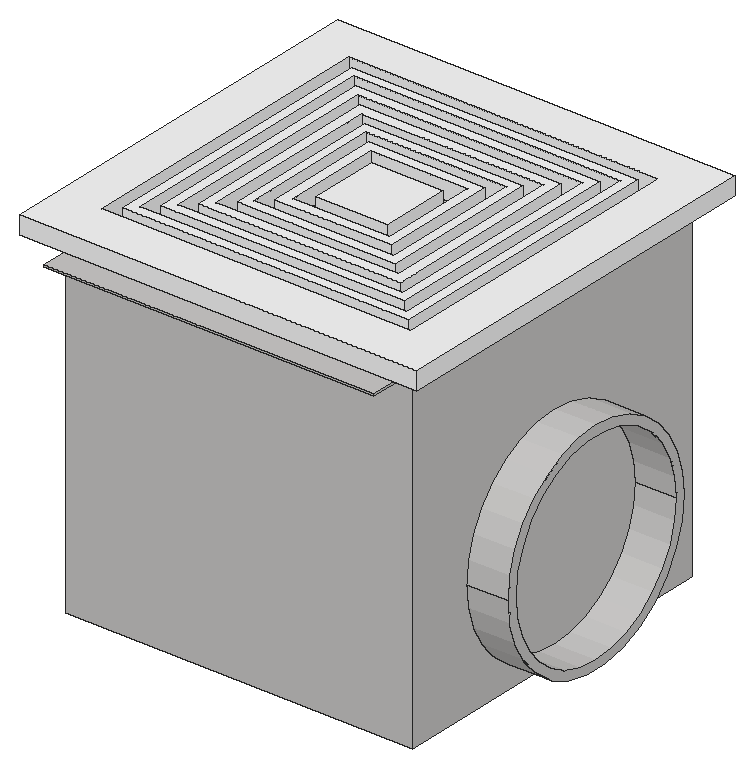
Revit family "Exhaust_Fan-Commercial-BroanNutone-Losone_ESelect", category Mechanical Equipment, host Face, Revit 2019
Family settings
  Host = Face
  Round Connector Dimension = Use Radius
  Part Type = Normal
  OmniClass Number = 23.75.35.17.17
  OmniClass Title = Room Air Circulation Fans
  Cut with Voids When Loaded = No
  Shared = No
  Room Calculation Point = No
Parameters (values of type "300 CFM")
  Width = 1' - 2"  # constant formula
  Voltage = 120 V
  Vertical Vent [instance] = not(Horizontal Vent)  # yes
  Version = ""
  URL = "https://www.broan-nutone.com/"
  Support Phone = "(224) 699-9545"  # constant formula
  Support Email = "mailto:support@anguleris.com"
  Product Page URL = "https://www.broan-nutone.com/en-us/product/ventilationfans/l300e"
  Product Name = "LOSONE-E SELECT™ , Ventilation Fan, ENERGY STAR®"  # constant formula
  Product Documentation Link = "https://www.broan-nutone.com/en-us/product/ventilationfans/l300e"
  Power Factor = 1
  Phase = 1
  Number of Poles = 1
  Noise = 1.2
  Model = "L300E"
  Manufacturer Phone Number = "800-558-1711"  # constant formula
  Manufacturer Contact Information = "mailto:info@broan-nutone.com"
  Manufacturer Address = "926 W State St, Hartford, WI 53027"  # constant formula
  Manufacturer = "Broan"  # constant formula
  Length = 1' - 2"  # constant formula
  Housing Width = 0' - 11 3/8"  # constant formula
  Housing Length = 0' - 10 11/256"  # constant formula
  Housing Height = 0' - 7 5/8"  # constant formula
  Horizontal Vent [instance] = no
  Height = 6' - 5 5/8"  # constant formula
  Frequency = 60 Hz
  Fan Wattage = 7.7 W
  Fan Body Finish = Metal - Broan NuTone - Steel
  Exhaust Radius = 0' - 3"
  Exhaust Diameter = Exhaust Radius * 2  # 0' - 6"
  Exhaust Connector = "Exhaust Connection"  # constant formula
  Electrical Connector = "Electrical Connection"  # constant formula
  Description = "LOSONE-E SELECT™ , 300CFM Ventilation Fan, ENERGY STAR®"
  Default Elevation = 4' - 0"
  Cover Finish = Plastic - Broan NuTone - White
  Copyright = "Copyright © 2021 Broan-NuTone, LLC. All Rights Reserved"  # constant formula
  C Vent2 [instance] = if(Horizontal Vent, 0' 5 17/32", 0' 5 17/32")  # 0' - 5 17/32"
  C Vent Angle [instance] = if(Horizontal Vent, 90.00°, 180.00°)  # 180.00°
  C Vent [instance] = if(Horizontal Vent, 0' 7 3/8", 0' 9 23/32")  # 0' - 9 23/32"
  Assembly Code = "E1090900"
  Air Volume = 300 CFM
Types (5): name | Product Page URL | Product Documentation Link | Model | Description | Air Volume
  100 CFM | "https://www.broan-nutone.com/en-us/product/ventilationfans/l100e" | "https://www.broan-nutone.com/en-us/product/ventilationfans/l100e" | "L100E" | "LOSONE-E SELECT™ , 100CFM Ventilation Fan, ENERGY STAR®" | 100 CFM
  150 CFM | "https://www.broan-nutone.com/en-us/product/ventilationfans/l150e" | "https://www.broan-nutone.com/en-us/product/ventilationfans/l150e" | "L150E" | "LOSONE-E SELECT™ , 150CFM Ventilation Fan, ENERGY STAR®" | 150 CFM
  200 CFM | "https://www.broan-nutone.com/en-us/product/ventilationfans/l200e" | "https://www.broan-nutone.com/en-us/product/ventilationfans/l200e" | "L200E" | "LOSONE-E SELECT™ , 200CFM Ventilation Fan, ENERGY STAR®" | 200 CFM
  250 CFM | "https://www.broan-nutone.com/en-us/product/ventilationfans/l250e" | "https://www.broan-nutone.com/en-us/product/ventilationfans/l250e" | "L250E" | "LOSONE-E SELECT™ , 250CFM Ventilation Fan, ENERGY STAR®" | 250 CFM
  300 CFM | "https://www.broan-nutone.com/en-us/product/ventilationfans/l300e" | "https://www.broan-nutone.com/en-us/product/ventilationfans/l300e" | "L300E" | "LOSONE-E SELECT™ , 300CFM Ventilation Fan, ENERGY STAR®" | 300 CFM
Reference planes (in)
  plane 1 "Center (Front/Back)": y = 0
  plane 2: z = 0
  plane 3 "Center (Left/Right)": x = 0
  plane 4: z = 1.75
  plane 5: z = -7.5
  plane 6: z = -4.125
  plane 7: z = -1.375
  plane 8: y = 6.875
  plane 9: y = -7.125
  plane 10: x = 24.74248
  plane 11: x = 38.74248
  plane 12: x = 31.74248
  plane 13: x = 33.84669
  plane 14: z = -6
  plane 15: z = -7.875
Forms (in)
  Extrusion 1, solid, material "Metal - Broan NuTone - Steel" <- "Fan Body Finish"
    sketch origin (59.99106, 127.71403, -6.75) x (0, -1, 0) y (1, 0, 0)
      loop
        line (133.95112, -34.33759) -> (133.95112, -22.12359) -> (121.62503, -22.12359) -> (121.62503, -34.33759) -> (133.95112, -34.33759)
    from -5.25 to 6.75
  Extrusion 2, solid, material "Plastic - Broan NuTone - White" <- "Cover Finish", detail levels coarse+medium
    sketch origin (0, 0, 1.31622) x (0, -1, 0) y (1, 0, 0)
      loop
        line (-6.875, 24.74248) -> (7.125, 24.74248) -> (7.125, 38.74248) -> (-6.875, 38.74248) -> (-6.875, 24.74248)
    from -1.31622 to -0.69122
  Extrusion 3, solid, material "Plastic - Broan NuTone - White" <- "Cover Finish", detail levels fine
    sketch origin (0, 0, 1.31622) x (0, -1, 0) y (1, 0, 0)
      loop
        line (-6.8692, 24.74248) -> (7.125, 24.74248) -> (7.125, 38.74248) -> (-6.8692, 38.74248) -> (-6.8692, 24.74248)
      loop
        line (-5.461, 26.28148) -> (5.461, 26.28148) -> (5.461, 37.20348) -> (-5.461, 37.20348) -> (-5.461, 26.28148)
      loop
        line (5.03522, 26.70726) -> (5.03522, 36.77769) -> (-5.03522, 36.77769) -> (-5.03522, 26.70726) -> (5.03522, 26.70726)
      loop
        line (4.711, 27.03148) -> (4.711, 36.45348) -> (-4.711, 36.45348) -> (-4.711, 27.03148) -> (4.711, 27.03148)
      loop
        line (4.296, 27.44648) -> (4.296, 36.03848) -> (-4.296, 36.03848) -> (-4.296, 27.44648) -> (4.296, 27.44648)
      loop
        line (3.961, 27.78148) -> (3.961, 35.70348) -> (-3.961, 35.70348) -> (-3.961, 27.78148) -> (3.961, 27.78148)
      loop
        line (3.546, 28.19648) -> (3.546, 35.28848) -> (-3.546, 35.28848) -> (-3.546, 28.19648) -> (3.546, 28.19648)
      loop
        line (3.211, 28.53148) -> (3.211, 34.95348) -> (-3.211, 34.95348) -> (-3.211, 28.53148) -> (3.211, 28.53148)
      loop
        line (2.48053, 29.26194) -> (2.48053, 34.22301) -> (-2.48053, 34.22301) -> (-2.48053, 29.26194) -> (2.48053, 29.26194)
      loop
        line (2.78522, 28.95726) -> (2.78522, 34.52769) -> (-2.78522, 34.52769) -> (-2.78522, 28.95726) -> (2.78522, 28.95726)
      loop
        line (2.05475, 29.68773) -> (2.05475, 33.79723) -> (-2.05475, 33.79723) -> (-2.05475, 29.68773) -> (2.05475, 29.68773)
      loop
        line (1.711, 30.03148) -> (1.711, 33.45348) -> (-1.711, 33.45348) -> (-1.711, 30.03148) -> (1.711, 30.03148)
      loop
        line (1.25838, 30.4841) -> (1.25838, 33.00085) -> (-1.20319, 33.00085) -> (-1.20319, 30.4841) -> (1.25838, 30.4841)
    from -1.31622 to -0.69122
  Extrusion 4, void
    sketch origin (0, 0, 0) x (0, 1, 0) y (0, 0, 1)
      loop
        line (5.65618, 0) -> (-5.96882, 0) -> (-5.96882, -0.98141) -> (5.65618, -0.98141) -> (5.65618, 0)
    from 25.89463 to 36.48222
  Extrusion 5, void
    sketch origin (0, 0, 1.31622) x (0, -1, 0) y (1, 0, 0)
      loop
        line (-6.875, 24.13354) -> (7.125, 24.13354) -> (7.125, 39.51541) -> (5.13541, 39.51541) -> (-6.875, 39.51541) -> (-6.875, 24.13354)
    from -14.70811 to -1.73172
  Extrusion 6, solid, material "Metal - Broan NuTone - Steel" <- "Fan Body Finish"
    sketch origin (0, 0, 0) x (0, 1, 0) y (0, 0, 1)
      loop
        line (7.524, -0.3595) -> (6.089, -0.3595) -> (6.089, -1.4795) -> (6.145, -1.4795) -> (6.145, -0.4155) -> (7.524, -0.4155) -> (7.524, -0.3595)
    from 25.91726 to 37.54947
  Extrusion 7, solid, material "Metal - Broan NuTone - Steel" <- "Fan Body Finish"
    sketch origin (0, 0, 0) x (0, -1, 0) y (0, 0, -1)
      loop
        line (7.524, 0.3595) -> (7.524, 0.4155) -> (6.145, 0.4155) -> (6.145, 1.4795) -> (6.089, 1.4795) -> (6.089, 0.3595) -> (7.524, 0.3595)
    from 25.91726 to 37.54947
  Extrusion 8, solid, material "Metal - Broan NuTone - Steel" <- "Fan Body Finish", visible <- "Horizontal Vent"
    sketch origin (-0.0625, 0, 0) x (1, 0, 0) y (0, 1, 0)
      loop
        circle (33.90919, -0.0122) r 4
      loop
        circle (33.90919, -0.0122) r 3.6875
    from -12 to -13.39188
  Extrusion 9, solid, material "Metal - Broan NuTone - Steel" <- "Fan Body Finish", visible <- "Vertical Vent"
    sketch origin (0, 0, 0) x (0, 1, 0) y (0, 0, 1)
      loop
        circle (0, -7.875) r 3.86666
      loop
        circle (0, -7.875) r 3.55416
    from 37.86748 to 39.35141
  Extrusion 10, solid, material "Metal - Broan NuTone - Steel" <- "Fan Body Finish", visible <- "Vertical Vent"
    sketch origin (63.48495, 0, 1.875) x (0, 1, 0) y (0, 0, -1)
      loop
        circle (0, 7.875) r 3.86666
      loop
        circle (0, 7.875) r 3.55416
    from 37.83148 to 39.35141
Lines and regions (in)
  Split face 1
    outline origin (0, 0, 0.625) x (0, -1, 0) y (1, 0, 0)
      loop
        line (-5.461, 26.28148) -> (5.461, 26.28148) -> (5.461, 37.20348) -> (-5.461, 37.20348) -> (-5.461, 26.28148)
  reference lines
    curve 1: line (33.84669, 0, -6) -> (33.84669, 0, -0.75)
    curve 2: line (33.84669, 0, -6) -> (24.12794, 0, -6)
    curve 3: line (43.16644, -1.9375, -7.875) -> (37.66171, -1.9375, -7.875)
    curve 4: line (33.84669, 0, -7.875) -> (39.37794, 0, -7.875)
Dimensions and locks (in)
  locked: host sketch curve to plane 3 "Center (Left/Right)" at 73.2541  (x9)
  locked: host sketch curve to plane 3 "Center (Left/Right)" at 9.08274  (x9)
  locked: host sketch curve to plane 1 "Center (Front/Back)" at 30.737  (x9)
  locked: host sketch curve to plane 1 "Center (Front/Back)" at 35.22023  (x9)
  Extrusion 1 sketch curve to plane 3 "Center (Left/Right)" = 3' - 1.86748"  (x3)
  Extrusion 1 sketch curve to plane 3 "Center (Left/Right)" = 2' - 1.65348"  (x3)
  Extrusion 1 sketch curve to plane 1 "Center (Front/Back)" = 0' - 6.089"  (x3)
  Extrusion 1 sketch curve to plane 1 "Center (Front/Back)" = 0' - 6.23709"  (x3)
  locked: plane 10 to plane 11 at 14
  host face to Extrusion 1 = 1' - 0"
  equal spacing: plane 10, plane 12, plane 11
  locked: plane 9 to plane 8 at 14
  locked: Extrusion 1 to plane 3 "Center (Left/Right)" at 37.86748  (x2)
  locked: Extrusion 1 to plane 3 "Center (Left/Right)" at 25.65348  (x2)
  locked: Extrusion 1 sketch curve to plane 3 "Center (Left/Right)" at 37.86748  (x6)
  locked: Extrusion 1 sketch curve to plane 3 "Center (Left/Right)" at 25.65348  (x6)
  locked: Extrusion 1 to plane 1 "Center (Front/Back)" at 6.089  (x2)
  locked: Extrusion 1 to plane 1 "Center (Front/Back)" at 6.23709  (x2)
  locked: Extrusion 1 sketch curve to plane 1 "Center (Front/Back)" at 6.089  (x6)
  locked: Extrusion 1 sketch curve to plane 1 "Center (Front/Back)" at 6.23709  (x6)
  locked: Extrusion 1 to level at 12  (x2)
  locked: Extrusion 1 sketch curve to level at 6.75  (x24)
  locked: Extrusion 2 to plane 3 "Center (Left/Right)" at 24.74248  (x2)
  locked: Extrusion 2 to plane 3 "Center (Left/Right)" at 38.74248  (x2)
  locked: Extrusion 2 sketch curve to plane 3 "Center (Left/Right)" at 38.74248  (x6)
  locked: Extrusion 2 sketch curve to plane 3 "Center (Left/Right)" at 24.74248  (x6)
  locked: Extrusion 2 to plane 1 "Center (Front/Back)" at 6.875  (x2)
  locked: Extrusion 2 to plane 1 "Center (Front/Back)" at 7.125  (x2)
  locked: Extrusion 2 sketch curve to plane 1 "Center (Front/Back)" at 7.125  (x6)
  locked: Extrusion 2 sketch curve to plane 1 "Center (Front/Back)" at 6.875  (x6)
  locked: Extrusion 2 to level at 0.625  (x2)
  locked: Extrusion 2 sketch curve to level at 1.31622  (x24)
  locked: Extrusion 3 to plane 3 "Center (Left/Right)" at 24.74248  (x2)
  locked: Extrusion 3 to plane 3 "Center (Left/Right)" at 38.74248  (x2)
  locked: Extrusion 3 to plane 3 "Center (Left/Right)" at 37.20348  (x2)
  locked: Extrusion 3 to plane 3 "Center (Left/Right)" at 26.28148  (x2)
  locked: Extrusion 3 to plane 3 "Center (Left/Right)" at 26.70726  (x2)
  locked: Extrusion 3 to plane 3 "Center (Left/Right)" at 36.77769  (x2)
  locked: Extrusion 3 to plane 3 "Center (Left/Right)" at 36.45348  (x2)
  locked: Extrusion 3 to plane 3 "Center (Left/Right)" at 27.03148  (x2)
  locked: Extrusion 3 to plane 3 "Center (Left/Right)" at 27.44648  (x2)
  locked: Extrusion 3 to plane 3 "Center (Left/Right)" at 36.03848  (x2)
  locked: Extrusion 3 to plane 3 "Center (Left/Right)" at 35.70348  (x2)
  locked: Extrusion 3 to plane 3 "Center (Left/Right)" at 27.78148  (x2)
  locked: Extrusion 3 to plane 3 "Center (Left/Right)" at 28.19648  (x2)
  locked: Extrusion 3 to plane 3 "Center (Left/Right)" at 35.28848  (x2)
  locked: Extrusion 3 to plane 3 "Center (Left/Right)" at 34.95348  (x2)
  locked: Extrusion 3 to plane 3 "Center (Left/Right)" at 28.53148  (x2)
  locked: Extrusion 3 to plane 3 "Center (Left/Right)" at 34.22301  (x2)
  locked: Extrusion 3 to plane 3 "Center (Left/Right)" at 29.26194  (x2)
  locked: Extrusion 3 to plane 3 "Center (Left/Right)" at 28.95726  (x2)
  locked: Extrusion 3 to plane 3 "Center (Left/Right)" at 34.52769  (x2)
  locked: Extrusion 3 to plane 3 "Center (Left/Right)" at 29.68773  (x2)
  locked: Extrusion 3 to plane 3 "Center (Left/Right)" at 33.79723  (x2)
  locked: Extrusion 3 to plane 3 "Center (Left/Right)" at 33.45348  (x2)
  locked: Extrusion 3 to plane 3 "Center (Left/Right)" at 30.03148  (x2)
  locked: Extrusion 3 to plane 3 "Center (Left/Right)" at 30.4841  (x2)
  locked: Extrusion 3 to plane 3 "Center (Left/Right)" at 33.00085  (x2)
  locked: Extrusion 3 sketch curve to plane 3 "Center (Left/Right)" at 38.74248  (x6)
  locked: Extrusion 3 sketch curve to plane 3 "Center (Left/Right)" at 24.74248  (x6)
  locked: Extrusion 3 sketch curve to plane 3 "Center (Left/Right)" at 37.20348  (x6)
  locked: Extrusion 3 sketch curve to plane 3 "Center (Left/Right)" at 26.28148  (x6)
  locked: Extrusion 3 sketch curve to plane 3 "Center (Left/Right)" at 36.77769  (x6)
  locked: Extrusion 3 sketch curve to plane 3 "Center (Left/Right)" at 26.70726  (x6)
  locked: Extrusion 3 sketch curve to plane 3 "Center (Left/Right)" at 36.45348  (x6)
  locked: Extrusion 3 sketch curve to plane 3 "Center (Left/Right)" at 27.03148  (x6)
  locked: Extrusion 3 sketch curve to plane 3 "Center (Left/Right)" at 36.03848  (x6)
  locked: Extrusion 3 sketch curve to plane 3 "Center (Left/Right)" at 27.44648  (x6)
  locked: Extrusion 3 sketch curve to plane 3 "Center (Left/Right)" at 35.70348  (x6)
  locked: Extrusion 3 sketch curve to plane 3 "Center (Left/Right)" at 27.78148  (x6)
  locked: Extrusion 3 sketch curve to plane 3 "Center (Left/Right)" at 35.28848  (x6)
  locked: Extrusion 3 sketch curve to plane 3 "Center (Left/Right)" at 28.19648  (x6)
  locked: Extrusion 3 sketch curve to plane 3 "Center (Left/Right)" at 34.95348  (x6)
  locked: Extrusion 3 sketch curve to plane 3 "Center (Left/Right)" at 28.53148  (x6)
  locked: Extrusion 3 sketch curve to plane 3 "Center (Left/Right)" at 34.22301  (x6)
  locked: Extrusion 3 sketch curve to plane 3 "Center (Left/Right)" at 29.26194  (x6)
  locked: Extrusion 3 sketch curve to plane 3 "Center (Left/Right)" at 34.52769  (x6)
  locked: Extrusion 3 sketch curve to plane 3 "Center (Left/Right)" at 28.95726  (x6)
  locked: Extrusion 3 sketch curve to plane 3 "Center (Left/Right)" at 33.79723  (x6)
  locked: Extrusion 3 sketch curve to plane 3 "Center (Left/Right)" at 29.68773  (x6)
  locked: Extrusion 3 sketch curve to plane 3 "Center (Left/Right)" at 33.45348  (x6)
  locked: Extrusion 3 sketch curve to plane 3 "Center (Left/Right)" at 30.03148  (x6)
  locked: Extrusion 3 sketch curve to plane 3 "Center (Left/Right)" at 33.00085  (x6)
  locked: Extrusion 3 sketch curve to plane 3 "Center (Left/Right)" at 30.4841  (x6)
  locked: Extrusion 3 to plane 1 "Center (Front/Back)" at 6.8692  (x2)
  locked: Extrusion 3 to plane 1 "Center (Front/Back)" at 7.125  (x2)
  locked: Extrusion 3 to plane 1 "Center (Front/Back)" at 5.461  (x4)
  locked: Extrusion 3 to plane 1 "Center (Front/Back)" at 5.03522  (x4)
  locked: Extrusion 3 to plane 1 "Center (Front/Back)" at 4.711  (x4)
  locked: Extrusion 3 to plane 1 "Center (Front/Back)" at 4.296  (x4)
  locked: Extrusion 3 to plane 1 "Center (Front/Back)" at 3.961  (x4)
  locked: Extrusion 3 to plane 1 "Center (Front/Back)" at 3.546  (x4)
  locked: Extrusion 3 to plane 1 "Center (Front/Back)" at 3.211  (x4)
  locked: Extrusion 3 to plane 1 "Center (Front/Back)" at 2.48053  (x4)
  locked: Extrusion 3 to plane 1 "Center (Front/Back)" at 2.78522  (x4)
  locked: Extrusion 3 to plane 1 "Center (Front/Back)" at 2.05475  (x4)
  locked: Extrusion 3 to plane 1 "Center (Front/Back)" at 1.711  (x4)
  locked: Extrusion 3 to plane 1 "Center (Front/Back)" at 1.25838  (x2)
  locked: Extrusion 3 to plane 1 "Center (Front/Back)" at 1.20319  (x2)
  locked: Extrusion 3 sketch curve to plane 1 "Center (Front/Back)" at 7.125  (x6)
  locked: Extrusion 3 sketch curve to plane 1 "Center (Front/Back)" at 6.8692  (x6)
  locked: Extrusion 3 sketch curve to plane 1 "Center (Front/Back)" at 5.461  (x12)
  locked: Extrusion 3 sketch curve to plane 1 "Center (Front/Back)" at 5.03522  (x12)
  locked: Extrusion 3 sketch curve to plane 1 "Center (Front/Back)" at 4.711  (x12)
  locked: Extrusion 3 sketch curve to plane 1 "Center (Front/Back)" at 4.296  (x12)
  locked: Extrusion 3 sketch curve to plane 1 "Center (Front/Back)" at 3.961  (x12)
  locked: Extrusion 3 sketch curve to plane 1 "Center (Front/Back)" at 3.546  (x12)
  locked: Extrusion 3 sketch curve to plane 1 "Center (Front/Back)" at 3.211  (x12)
  locked: Extrusion 3 sketch curve to plane 1 "Center (Front/Back)" at 2.48053  (x12)
  locked: Extrusion 3 sketch curve to plane 1 "Center (Front/Back)" at 2.78522  (x12)
  locked: Extrusion 3 sketch curve to plane 1 "Center (Front/Back)" at 2.05475  (x12)
  locked: Extrusion 3 sketch curve to plane 1 "Center (Front/Back)" at 1.711  (x12)
  locked: Extrusion 3 sketch curve to plane 1 "Center (Front/Back)" at 1.20319  (x6)
  locked: Extrusion 3 sketch curve to plane 1 "Center (Front/Back)" at 1.25838  (x6)
  locked: Extrusion 3 to level at 0.625  (x2)
  locked: Extrusion 3 sketch curve to level at 1.31622  (x312)
  locked: Extrusion 4 sketch curve to plane 1 "Center (Front/Back)" at 5.96882  (x6)
  locked: Extrusion 4 sketch curve to plane 1 "Center (Front/Back)" at 5.65618  (x6)
  locked: Extrusion 4 sketch curve to level at 0.98141  (x6)
  locked: Extrusion 5 sketch curve to plane 3 "Center (Left/Right)" at 39.51541  (x12)
  locked: Extrusion 5 sketch curve to plane 3 "Center (Left/Right)" at 24.13354  (x6)
  locked: Extrusion 5 sketch curve to plane 1 "Center (Front/Back)" at 7.125  (x6)
  locked: Extrusion 5 sketch curve to plane 1 "Center (Front/Back)" at 6.875  (x6)
  locked: Extrusion 5 sketch curve to level at 1.31622  (x30)
  locked: Extrusion 6 to plane 3 "Center (Left/Right)" at 37.54947  (x2)
  locked: Extrusion 6 to plane 3 "Center (Left/Right)" at 25.91726  (x2)
  locked: Extrusion 6 to plane 1 "Center (Front/Back)" at 6.089  (x2)
  locked: Extrusion 6 to plane 1 "Center (Front/Back)" at 6.145  (x2)
  locked: Extrusion 6 to plane 1 "Center (Front/Back)" at 7.524  (x2)
  locked: Extrusion 6 sketch curve to plane 1 "Center (Front/Back)" at 6.089  (x6)
  locked: Extrusion 6 sketch curve to plane 1 "Center (Front/Back)" at 6.145  (x6)
  locked: Extrusion 6 sketch curve to plane 1 "Center (Front/Back)" at 7.524  (x6)
  locked: Extrusion 6 to level at 1.4795  (x2)
  locked: Extrusion 6 to level at 0.4155  (x2)
  locked: Extrusion 6 to level at 0.3595  (x2)
  locked: Extrusion 6 sketch curve to level at 1.4795  (x6)
  locked: Extrusion 6 sketch curve to level at 0.4155  (x6)
  locked: Extrusion 6 sketch curve to level at 0.3595  (x6)
  locked: Extrusion 7 to plane 3 "Center (Left/Right)" at 37.54947  (x2)
  locked: Extrusion 7 to plane 3 "Center (Left/Right)" at 25.91726  (x2)
  locked: Extrusion 7 to plane 1 "Center (Front/Back)" at 6.089  (x2)
  locked: Extrusion 7 to plane 1 "Center (Front/Back)" at 6.145  (x2)
  locked: Extrusion 7 to plane 1 "Center (Front/Back)" at 7.524  (x2)
  locked: Extrusion 7 sketch curve to plane 1 "Center (Front/Back)" at 6.089  (x6)
  locked: Extrusion 7 sketch curve to plane 1 "Center (Front/Back)" at 6.145  (x6)
  locked: Extrusion 7 sketch curve to plane 1 "Center (Front/Back)" at 7.524  (x6)
  locked: Extrusion 7 to level at 1.4795  (x2)
  locked: Extrusion 7 to level at 0.4155  (x2)
  locked: Extrusion 7 to level at 0.3595  (x2)
  locked: Extrusion 7 sketch curve to level at 1.4795  (x6)
  locked: Extrusion 7 sketch curve to level at 0.4155  (x6)
  locked: Extrusion 7 sketch curve to level at 0.3595  (x6)
  locked: Extrusion 8 sketch curve to plane 3 "Center (Left/Right)" at 29.84669  (x2)
  locked: Extrusion 8 sketch curve to plane 3 "Center (Left/Right)" at 30.15919  (x2)
  locked: Extrusion 8 to level at 13.39188  (x2)
  locked: Extrusion 8 to level at 12  (x2)
  locked: Extrusion 9 to plane 3 "Center (Left/Right)" at 39.35141  (x2)
  locked: Extrusion 9 to plane 3 "Center (Left/Right)" at 37.86748  (x2)
  locked: plane 1 "Center (Front/Back)" to Extrusion 9 sketch curve at 3.86666  (x2)
  locked: plane 1 "Center (Front/Back)" to Extrusion 9 sketch curve at 3.55416  (x2)
  locked: Extrusion 9 sketch curve to level at 4.00834  (x2)
  locked: Extrusion 9 sketch curve to level at 4.32084  (x2)
  locked: Extrusion 10 to plane 3 "Center (Left/Right)" at 24.13354  (x2)
  locked: Extrusion 10 to plane 3 "Center (Left/Right)" at 25.65348  (x2)
  locked: Extrusion 10 sketch curve to plane 3 "Center (Left/Right)" at 63.48495  (x8)
  locked: plane 1 "Center (Front/Back)" to Extrusion 10 sketch curve at 3.86666  (x2)
  locked: plane 1 "Center (Front/Back)" to Extrusion 10 sketch curve at 3.55416  (x2)
  locked: Extrusion 10 sketch curve to level at 2.13334  (x2)
  locked: Extrusion 10 sketch curve to level at 2.44584  (x2)
  "C Vent": curve 1 to curve 2
  locked: curve 1 to curve 2 (angle 90.00°)
  "C Vent Angle": angle curve 2 to plane 14
  "C Vent Angle": angle plane 14 to curve 4
  aligned and locked: host face to plane 2
  aligned and locked: host face to level
  aligned and locked: plane 14 to curve 2
  aligned and locked: plane 15 to curve 4
Automatic sketch dimensions
  Extrusion 4 sketch curve to level = 0' - 0"
  Split face 1 sketch curve to Extrusion 2 = 0' - 1.414"
  Split face 1 sketch curve to Extrusion 2 = 0' - 1.664"
  Split face 1 sketch curve to Extrusion 2 = 0' - 1.539"  (x2)
  plane 1 "Center (Front/Back)" to Extrusion 8 sketch curve = 0' - 0.0122"
  plane 12 to Extrusion 8 sketch curve = 0' - 2.10421"
  Extrusion 9 sketch curve to plane 1 "Center (Front/Back)" = 0' - 0"
  Extrusion 10 sketch curve to plane 1 "Center (Front/Back)" = 0' - 0"
  Extrusion 5 sketch curve to plane 9 = 0' - 1.98959"
  Extrusion 10 sketch curve to Extrusion 10 sketch curve = 0' - 0"
  Extrusion 9 sketch curve to Extrusion 9 sketch curve = 0' - 0"
  Extrusion 8 sketch curve to Extrusion 8 sketch curve = 0' - 0"  (x2)
  curve 3 to plane 11 = 0' - 1.08076"
  curve 3 to plane 15 = 0' - 0"
  plane 11 to curve 3 = 0' - 4.42396"
  plane 13 to curve 2 = 0' - 0"
  plane 13 to curve 4 = 0' - 0"
Connectors (in)
  hvac at (24.12794, 0, -6), driven by "Exhaust Radius", driven by "Air Volume"
    settings: on curve 2, index 2, duct flow 300 CFM, flow factor 0, pres drop 0.00 in-wg, loss coef 0, conn angle 0.00°, conn width 12", conn height 12", conn diameter 6", duct sys type 3, conn prof type 0, flow config 0, flow direction 2, loss method 0, conn ref index -1, conn util no, is conn primary yes, conn desc "Exhaust Air"
  hvac at (39.37794, 0, -7.875), driven by "Exhaust Radius", driven by "Air Volume"
    settings: on curve 4, index 3, duct flow 300 CFM, flow factor 0, pres drop 0.00 in-wg, loss coef 0, conn angle 0.00°, conn width 12", conn height 12", conn diameter 6", duct sys type 3, conn prof type 0, flow config 0, flow direction 0, loss method 0, conn ref index -1, conn util no, is conn primary no, conn desc "Exhaust Air"
